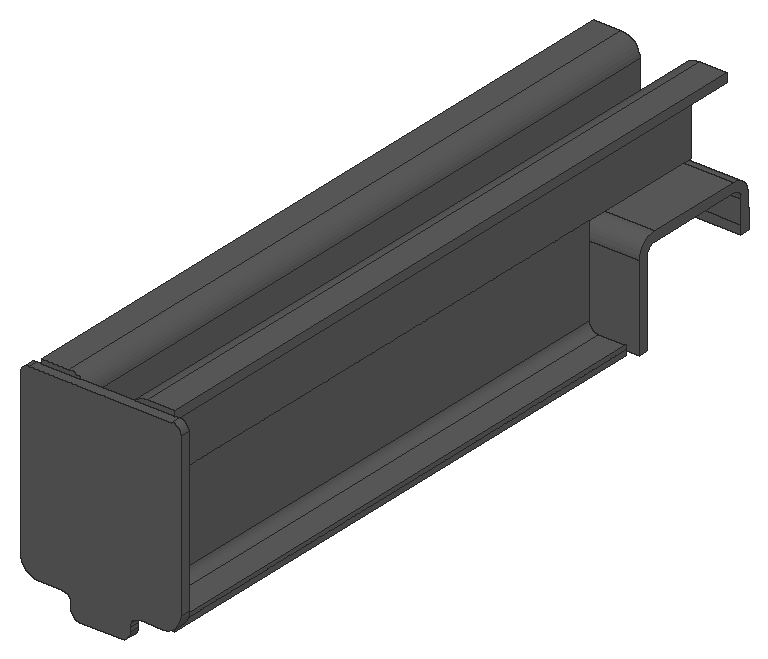
Revit family "LGR_LGR WALER_1856100", category Generic Models, Revit 2018
Family settings
  Can host rebar = No
  Round Connector Dimension = Use Diameter
  Part Type = Normal
  OmniClass Number = 35.51.14.00
  OmniClass Title = FORMWORK
  Work Plane-Based = Yes
  Always vertical = No
  Cut with Voids When Loaded = No
  Shared = Yes
  Room Calculation Point = No
Parameters
  VERSION = "20170217"  # constant formula
  URL = "www.ulmaconstruction.com/en"
  UNICLASS = ""
  Manufacturer = "ULMA CONSTRUCTION"  # constant formula
  ITEM_CODE = "1856100"
  FILTER [instance] = ""
  Default Elevation = 0.000 mm
  CLASSIFICATION_TITLE = ""
  CLASSIFICATION_NUMBER = ""
Reference planes
  plane 1 "Centro (Frontal/Posterior)": y = 0
  plane 2: z = 0
  plane 3 "Centro (Izquierda/Derecha)": x = 0
Forms (mm)
  Extrusion 1, solid, material "ULMA BLACK", detail levels fine
    sketch origin (0, 0, 0) x (1, 0, 0) y (0, 0, 1)
      loop
        arc (-13, -35) -> (-14.172, -37.828) -> (-17, -39) r 4
        line (-17, -39) -> (-29, -39) -> (-29, -40.746) -> (-29, -43) -> (-17, -43)
        arc (-17, -43) -> (-14.172, -42.483) -> (-11.708, -41) r 8
        arc (-11.708, -41) -> (-9.708, -38.292) -> (-9, -35) r 8
        line (-9, -35) -> (-9, 4) -> (-9, 35)
        arc (-9, 35) -> (-11.343, 40.657) -> (-17, 43) r 8
        line (-17, 43) -> (-29, 43) -> (-29, 39) -> (-17, 39)
        arc (-17, 39) -> (-14.172, 37.828) -> (-13, 35) r 4
        line (-13, 35) -> (-13, 4) -> (-13, -35)
      loop
        line (17, 39) -> (29, 39) -> (29, 43) -> (17, 43)
        arc (17, 43) -> (11.343, 40.657) -> (9, 35) r 8
        line (9, 35) -> (9, 4) -> (9, -35)
        arc (9, -35) -> (9.708, -38.292) -> (11.708, -41) r 8
        arc (11.708, -41) -> (14.172, -42.483) -> (17, -43) r 8
        line (17, -43) -> (29, -43) -> (29, -40.746) -> (29, -39) -> (17, -39)
        arc (17, -39) -> (14.172, -37.828) -> (13, -35) r 4
        line (13, -35) -> (13, 4) -> (13, 35)
        arc (13, 35) -> (14.172, 37.828) -> (17, 39) r 4
    from 0 to 300
  Extrusion 2, void
    sketch origin (0, 0, 0) x (0, 1, 0) y (0, 0, 1)
      loop
        line (-55, 4) -> (-55, -43) -> (0, -43) -> (0, 4) -> (-55, 4)
    from -29 to 29
  Extrusion 3, solid, material "ULMA BLACK"
    sketch origin (0, 0, 0) x (0, 1, 0) y (0, 0, 1)
      loop
        line (-55, -41) -> (-51, -41) -> (-51, -33) -> (-51, -4)
        arc (-51, -4) -> (-49.828, -1.172) -> (-47, 0) r 4
        line (-47, 0) -> (-4, 0)
        arc (-4, 0) -> (-1.172, -1.172) -> (0, -4) r 4
        line (0, -4) -> (0, -14) -> (0, -18) -> (4, -18) -> (4, -14) -> (4, -4)
        arc (4, -4) -> (1.657, 1.657) -> (-4, 4) r 8
        line (-4, 4) -> (-47, 4)
        arc (-47, 4) -> (-52.657, 1.657) -> (-55, -4) r 8
        line (-55, -4) -> (-55, -41)
    from -35 to 35
  Extrusion 4, solid, material "ULMA BLACK"
    sketch origin (0, 0, 0) x (1, 0, 0) y (0, 0, 1)
      loop
        arc (-17, -41) -> (-15.327, -41.367) -> (-13.96, -42.4) r 4
        arc (-13.96, -42.4) -> (-13.248, -43.614) -> (-13, -45) r 4
        line (-13, -45) -> (-13, -47)
        arc (-13, -47) -> (-11.828, -49.828) -> (-9, -51) r 4
        line (-9, -51) -> (9, -51)
        arc (9, -51) -> (11.828, -49.828) -> (13, -47) r 4
        line (13, -47) -> (13, -45)
        arc (13, -45) -> (13.248, -43.614) -> (13.96, -42.4) r 4
        arc (13.96, -42.4) -> (15.327, -41.367) -> (17, -41) r 4
        line (17, -41) -> (27, -41)
        arc (27, -41) -> (32.657, -38.657) -> (35, -33) r 8
        line (35, -33) -> (35, 37)
        arc (35, 37) -> (33.828, 39.828) -> (31, 41) r 4
        line (31, 41) -> (-31, 41)
        arc (-31, 41) -> (-33.828, 39.828) -> (-35, 37) r 4
        line (-35, 37) -> (-35, -33)
        arc (-35, -33) -> (-32.657, -38.657) -> (-27, -41) r 8
        line (-27, -41) -> (-17, -41)
    from 300 to 304
  Extrusion 5, solid, material "ULMA BLACK", detail levels coarse+medium
    sketch origin (0, 0, 0) x (0, 1, 0) y (0, 0, 1)
      loop
        line (0, 43) -> (-300, 43) -> (-300, -43) -> (-55, -43) -> (-55, 4) -> (0, 4) -> (0, 43)
    from -29 to 29
Cuts and joins
  Extrusion 2 cuts Extrusion 1
Lines and regions (mm)
  model lines, detail levels fine
    curve 1: circle (0, -304, -35) r 5 normal (0, -1, 0)
    curve 2: circle (0, -300, -35) r 5 normal (0, -1, 0)
Dimensions and locks
  aligned and locked: level to plane 2
